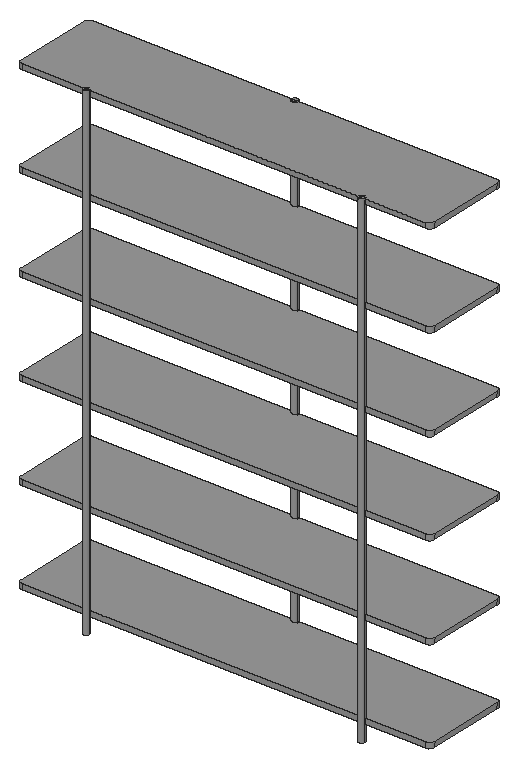
Revit family "Aero178 3-LivingDivani", category Furniture, Revit 2014
Parameters (values of type "Libreria")
  URL = "http://www.livingdivani.it"
  Model = "Aero"
  Mat. Struttura = Zinc
  Manufacturer = "LivingDivani"
  Codice prodotto = ""
Reference planes (cm)
  plane 1 "Centro (Fronte/Retro)": y = 0
  plane 2: z = 0
  plane 3 "Centro (Sinistra/Destra)": x = 0
Forms (cm)
  Extrusion 1, solid, material "Zinc" <- "Mat. Struttura"
    sketch origin (0, 0, 6) x (1, 0, 0) y (0, 1, 0)
      loop
        arc (-73.2, 16) -> (-74.4728, 15.4728) -> (-75, 14.2) r 1.8
        line (-75, 14.2) -> (-75, -14.2)
        arc (-75, -14.2) -> (-74.4728, -15.4728) -> (-73.2, -16) r 1.8
        line (-73.2, -16) -> (-51.1089, -16) -> (73.2, -16)
        arc (73.2, -16) -> (74.4728, -15.4728) -> (75, -14.2) r 1.8
        line (75, -14.2) -> (75, 14.2)
        arc (75, 14.2) -> (74.4728, 15.4728) -> (73.2, 16) r 1.8
        line (73.2, 16) -> (-51.1089, 16) -> (-73.2, 16)
    from 0 to 1.8
  Extrusion 2, solid, material "Zinc" <- "Mat. Struttura"
    sketch origin (0, 0, 39.8) x (1, 0, 0) y (0, 1, 0)
      loop
        arc (-73.2, 16) -> (-74.4728, 15.4728) -> (-75, 14.2) r 1.8
        line (-75, 14.2) -> (-75, -14.2)
        arc (-75, -14.2) -> (-74.4728, -15.4728) -> (-73.2, -16) r 1.8
        line (-73.2, -16) -> (-51.1089, -16) -> (73.2, -16)
        arc (73.2, -16) -> (74.4728, -15.4728) -> (75, -14.2) r 1.8
        line (75, -14.2) -> (75, 14.2)
        arc (75, 14.2) -> (74.4728, 15.4728) -> (73.2, 16) r 1.8
        line (73.2, 16) -> (-51.1089, 16) -> (-73.2, 16)
    from 0 to 1.8
  Extrusion 3, solid, material "Zinc" <- "Mat. Struttura"
    sketch origin (0, 0, 73.6) x (1, 0, 0) y (0, 1, 0)
      loop
        arc (-73.2, 16) -> (-74.4728, 15.4728) -> (-75, 14.2) r 1.8
        line (-75, 14.2) -> (-75, -14.2)
        arc (-75, -14.2) -> (-74.4728, -15.4728) -> (-73.2, -16) r 1.8
        line (-73.2, -16) -> (-51.1089, -16) -> (73.2, -16)
        arc (73.2, -16) -> (74.4728, -15.4728) -> (75, -14.2) r 1.8
        line (75, -14.2) -> (75, 14.2)
        arc (75, 14.2) -> (74.4728, 15.4728) -> (73.2, 16) r 1.8
        line (73.2, 16) -> (-51.1089, 16) -> (-73.2, 16)
    from 0 to 1.8
  Extrusion 4, solid, material "Zinc" <- "Mat. Struttura"
    sketch origin (0, 0, 107.4) x (1, 0, 0) y (0, 1, 0)
      loop
        arc (-73.2, 16) -> (-74.4728, 15.4728) -> (-75, 14.2) r 1.8
        line (-75, 14.2) -> (-75, -14.2)
        arc (-75, -14.2) -> (-74.4728, -15.4728) -> (-73.2, -16) r 1.8
        line (-73.2, -16) -> (-51.1089, -16) -> (73.2, -16)
        arc (73.2, -16) -> (74.4728, -15.4728) -> (75, -14.2) r 1.8
        line (75, -14.2) -> (75, 14.2)
        arc (75, 14.2) -> (74.4728, 15.4728) -> (73.2, 16) r 1.8
        line (73.2, 16) -> (-51.1089, 16) -> (-73.2, 16)
    from 0 to 1.8
  Extrusion 5, solid, material "Zinc" <- "Mat. Struttura"
    sketch origin (0, 0, 141.2) x (1, 0, 0) y (0, 1, 0)
      loop
        arc (-73.2, 16) -> (-74.4728, 15.4728) -> (-75, 14.2) r 1.8
        line (-75, 14.2) -> (-75, -14.2)
        arc (-75, -14.2) -> (-74.4728, -15.4728) -> (-73.2, -16) r 1.8
        line (-73.2, -16) -> (-51.1089, -16) -> (73.2, -16)
        arc (73.2, -16) -> (74.4728, -15.4728) -> (75, -14.2) r 1.8
        line (75, -14.2) -> (75, 14.2)
        arc (75, 14.2) -> (74.4728, 15.4728) -> (73.2, 16) r 1.8
        line (73.2, 16) -> (-51.1089, 16) -> (-73.2, 16)
    from 0 to 1.8
  Extrusion 6, solid, material "Zinc" <- "Mat. Struttura"
    sketch origin (0, 0, 175) x (1, 0, 0) y (0, 1, 0)
      loop
        arc (-73.2, 16) -> (-74.4728, 15.4728) -> (-75, 14.2) r 1.8
        line (-75, 14.2) -> (-75, -14.2)
        arc (-75, -14.2) -> (-74.4728, -15.4728) -> (-73.2, -16) r 1.8
        line (-73.2, -16) -> (-51.1089, -16) -> (73.2, -16)
        arc (73.2, -16) -> (74.4728, -15.4728) -> (75, -14.2) r 1.8
        line (75, -14.2) -> (75, 14.2)
        arc (75, 14.2) -> (74.4728, 15.4728) -> (73.2, 16) r 1.8
        line (73.2, 16) -> (-51.1089, 16) -> (-73.2, 16)
    from 0 to 1.8
  Extrusion 7, solid, material "Zinc" <- "Mat. Struttura"
    sketch origin (100, 0, 0) x (1, 0, 0) y (0, 1, 0)
      loop
        circle (-100, 16) r 1.1
    from 0 to 176.8
  Extrusion 8, solid, material "Zinc" <- "Mat. Struttura"
    sketch origin (0, 0, 0) x (1, 0, 0) y (0, 1, 0)
      loop
        circle (-50, -16) r 1.1
    from 0 to 176.8
  Extrusion 9, solid, material "Zinc" <- "Mat. Struttura"
    sketch origin (0, 0, 0) x (-1, 0, 0) y (0, -1, 0)
      loop
        circle (-50, 16) r 1.1
    from 0 to 176.8
Dimensions and locks (cm)
  aligned and locked: level to plane 2
